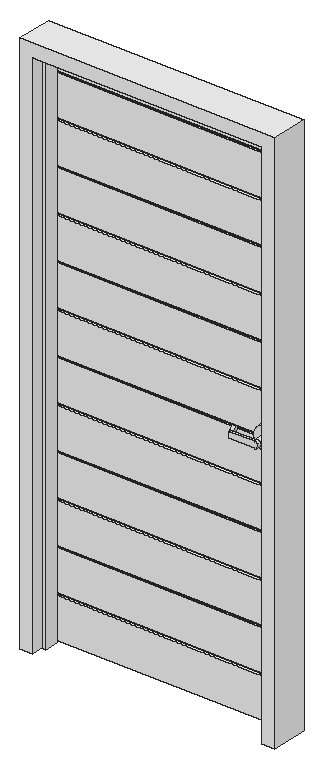
Revit family
Parameters (values of type "3'-0" x 7'-0" Wood_5.75" x 2"")
  Thickness = 0.04445 m
  Rough Width = R.O. Width  # 1.016 m
  Rough Height = R.O. Height  # 2.1844 m
  R.O. Width = Width + 0.1016 m  # 1.016 m
  R.O. Height = Height + Frame Head  # 2.1844 m
  Model = ""
  Height = 2.1336 m
  Wall Closure = (empty or 0)
  Width = 0.9144 m
  Function = (empty or 0)
  Frame Offset [instance] = if(Centered in Wall, (Frame Depth / 2), Center Offset)  # 0.073025 m
  Frame Head = 0.0508 m
  Frame Depth = 0.14605 m
  Door Panel = Door - Wood Panel
  Door Frame = Door - H.M. Frame
  Description = ""
  Centered in Wall [instance] = yes
  Center Offset [instance] = 0.00 m
  Assembly Code = ""
Types (11, lengths in m): name | Rough Width | Rough Height | R.O. Width | R.O. Height | Model | Height | Width | Frame Offset | Frame Head | Frame Depth | Door Panel | Door Frame | Description
  3'-0" x 7'-0" Wood_5.75" x 4" | 1.016 | 2.2352 | 1.016 | 2.2352 | "" | 2.1336 | 0.9144 | 0.073025 | 0.1016 | 0.14605 | Door - Wood Panel | Door - H.M. Frame | ""
  3'-0" x 7'-0" Wood_5.75" x 2" | 1.016 | 2.1844 | 1.016 | 2.1844 | "" | 2.1336 | 0.9144 | 0.073025 | 0.0508 | 0.14605 | Door - Wood Panel | Door - H.M. Frame | ""
  3'-0" x 7'-0" Metal_5.75" x 2" | 1.016 | 2.1844 | 1.016 | 2.1844 | "" | 2.1336 | 0.9144 | 0.073025 | 0.0508 | 0.14605 | Door - H.M. Panel | Door - H.M. Frame | ""
  3'-0" x 7'-0" Metal_8.25" x 2" | 1.016 | 2.1844 | 1.016 | 2.1844 | "" | 2.1336 | 0.9144 | 0.104775 | 0.0508 | 0.20955 | Door - H.M. Panel | Door - H.M. Frame | ""
  3'-0" x 7'-0" Wood_8.25" x 2" | 1.016 | 2.1844 | 1.016 | 2.1844 | "" | 2.1336 | 0.9144 | 0.104775 | 0.0508 | 0.20955 | Door - Wood Panel | Door - H.M. Frame | ""
  PUERTA 80 | 0.80 | 2.1836 | 0.80 | 2.1836 | "" | 2.1336 | 0.6984 | 0.05 | 0.05 | 0.10 | Door - H.M. Panel | Door - H.M. Frame | ""
  PUERTA 90 | 0.90 | 2.18 | 0.90 | 2.18 | "" | 2.13 | 0.7984 | 0.065 | 0.05 | 0.13 | - DOOR WINDOW | - DOOR WINDOW | ""
  .8 x 2.2 m | 0.80 | 2.3016 | 0.80 | 2.3016 | "" | 2.20 | 0.6984 | 0.073025 | 0.1016 | 0.14605 | Door - Wood Panel | Door - H.M. Frame | ""
  P3 - 1 x 2.2 m | 1.1016 | 2.3016 | 1.1016 | 2.3016 | "P3" | 2.20 | 1.00 | 0.073025 | 0.1016 | 0.14605 | Madera de pino | Madera de pino | "Puerta Principal"
  P1 - 0.65 x 2.2 m | 0.7516 | 2.3016 | 0.7516 | 2.3016 | "P1" | 2.20 | 0.65 | 0.073025 | 0.1016 | 0.14605 | Madera de pino | Madera de pino | "clóset sótano"
  P2 - 0.8 x 2.2 m | 0.9016 | 2.3016 | 0.9016 | 2.3016 | "P2" | 2.20 | 0.80 | 0.073025 | 0.1016 | 0.14605 | Madera de pino | Madera de pino | "Puerta Secundaria"
Reference planes (m)
  plane 1 "Center (Front/Back)": y = 0
  plane 2 "Center (Left/Right)": x = 0
  plane 3 "Left": x = -0.508
  plane 4 "Right": x = 0.508
  plane 5 "Top": z = 2.1844
  plane 6 "Backset": x = 0.38735
  plane 7 "Lockset": z = 1.016
  plane 8: z = 2.1336
  plane 9: x = -0.4572
  plane 10: x = 0.4572
Forms (m)
  Extrusion 1, solid, material "Door - H.M. Frame", not visible
    sketch origin (1.8288, 0, 0.469734) x (1, 0, 0) y (0, 0, 1)
      loop
        circle (0.4572, -0.4572) r 0.04445
    from -0.0254 to 0
  Extrusion 2, solid, material "Door - H.M. Frame", not visible
    sketch origin (1.8288, 0, 0.469734) x (1, 0, 0) y (0, 0, 1)
      loop
        circle (0.4572, -0.4572) r 0.0127
    from -0.0762 to -0.0254
  Extrusion 3, solid, material "Door - H.M. Frame", not visible
    sketch origin (1.447038, -0.49726, 0) x (1, 0, 0) y (0, 1, 0)
      loop
        line (0.851662, 0.58616) -> (0.743732, 0.58616) -> (0.718297, 0.542105) -> (0.729301, 0.535752) -> (0.751072, 0.57346) -> (0.851662, 0.57346) -> (0.851662, 0.58616)
    from 0 to 0.0254
  Extrusion 4, solid, material "Door - H.M. Frame", not visible
    sketch origin (1.8288, 0, 0.469734) x (1, 0, 0) y (0, 0, 1)
      loop
        circle (0.4572, -0.4572) r 0.04445
    from -0.0254 to 0
  Extrusion 5, solid, material "Door - H.M. Frame", not visible
    sketch origin (1.8288, 0, 0.469734) x (1, 0, 0) y (0, 0, 1)
      loop
        circle (0.4572, -0.4572) r 0.0127
    from -0.0762 to -0.0254
  Extrusion 6, solid, material "Door - H.M. Frame", not visible
    sketch origin (1.447038, -0.49726, 0) x (1, 0, 0) y (0, 1, 0)
      loop
        line (0.851662, 0.58616) -> (0.743732, 0.58616) -> (0.718297, 0.542105) -> (0.729301, 0.535752) -> (0.751072, 0.57346) -> (0.851662, 0.57346) -> (0.851662, 0.58616)
    from 0 to 0.0254
  Extrusion 7, solid, material "Door - H.M. Frame", not visible
    sketch origin (1.8288, 0, 0.469734) x (1, 0, 0) y (0, 0, 1)
      loop
        circle (0.4572, -0.4572) r 0.04445
    from -0.0254 to 0
  Extrusion 8, solid, material "Door - H.M. Frame", not visible
    sketch origin (1.8288, 0, 0.469734) x (1, 0, 0) y (0, 0, 1)
      loop
        circle (0.4572, -0.4572) r 0.0127
    from -0.0762 to -0.0254
  Extrusion 9, solid, material "Door - H.M. Frame", not visible
    sketch origin (1.447038, -0.49726, 0) x (1, 0, 0) y (0, 1, 0)
      loop
        line (0.851662, 0.58616) -> (0.743732, 0.58616) -> (0.718297, 0.542105) -> (0.729301, 0.535752) -> (0.751072, 0.57346) -> (0.851662, 0.57346) -> (0.851662, 0.58616)
    from 0 to 0.0254
  Extrusion 10, solid, material "Door - H.M. Frame", not visible
    sketch origin (1.8288, 0, 0.469734) x (1, 0, 0) y (0, 0, 1)
      loop
        circle (0.4572, -0.4572) r 0.04445
    from -0.0254 to 0
  Extrusion 11, solid, material "Door - H.M. Frame", not visible
    sketch origin (1.8288, 0, 0.469734) x (1, 0, 0) y (0, 0, 1)
      loop
        circle (0.4572, -0.4572) r 0.0127
    from -0.0762 to -0.0254
  Extrusion 12, solid, material "Door - H.M. Frame", not visible
    sketch origin (1.447038, -0.49726, 0) x (1, 0, 0) y (0, 1, 0)
      loop
        line (0.851662, 0.58616) -> (0.743732, 0.58616) -> (0.718297, 0.542105) -> (0.729301, 0.535752) -> (0.751072, 0.57346) -> (0.851662, 0.57346) -> (0.851662, 0.58616)
    from 0 to 0.0254
  Extrusion 13, solid, not visible
    sketch origin (0, 0.073025, 0) x (-1, 0, 0) y (0, 0, 1)
      loop
        circle (-0.38735, 1.016) r 0.044138
    from 0 to 0.0127
  Extrusion 14, solid, not visible
    sketch origin (0, 0.073025, 0) x (-1, 0, 0) y (0, 0, 1)
      loop
        circle (-0.38735, 1.016) r 0.012773
    from 0.0127 to 0.0762
  Extrusion 15, solid, not visible
    sketch origin (0, 0.073025, 0) x (-1, 0, 0) y (0, 0, 1)
      loop
        line (-0.38735, 1.003227) -> (-0.285376, 1.003227) -> (-0.285376, 1.028582) -> (-0.38735, 1.028582) -> (-0.38735, 1.003227)
    from 0.0635 to 0.0762
  Extrusion 16, solid, not visible
    sketch origin (0.208679, -0.136018, 0) x (-0.5, -0.866025, 0) y (0, 0, 1)
      loop
        line (-0.285376, 1.003227) -> (-0.234576, 1.003227) -> (-0.234576, 1.028627) -> (-0.285376, 1.028627) -> (-0.285376, 1.003227)
    from 0.0635 to 0.0762
  Extrusion 17, solid, not visible
    sketch origin (0, 0.073025, 0) x (-1, 0, 0) y (0, 0, 1)
      loop
        circle (-0.38735, 1.016) r 0.044138
    from 0 to 0.0127
  Extrusion 18, solid, not visible
    sketch origin (0, 0.073025, 0) x (-1, 0, 0) y (0, 0, 1)
      loop
        circle (-0.38735, 1.016) r 0.012773
    from 0.0127 to 0.0762
  Extrusion 19, solid, not visible
    sketch origin (0, 0.073025, 0) x (-1, 0, 0) y (0, 0, 1)
      loop
        line (-0.38735, 1.003227) -> (-0.285376, 1.003227) -> (-0.285376, 1.028582) -> (-0.38735, 1.028582) -> (-0.38735, 1.003227)
    from 0.0635 to 0.0762
  Extrusion 20, solid, not visible
    sketch origin (0.208679, -0.136018, 0) x (-0.5, -0.866025, 0) y (0, 0, 1)
      loop
        line (-0.285376, 1.003227) -> (-0.234576, 1.003227) -> (-0.234576, 1.028627) -> (-0.285376, 1.028627) -> (-0.285376, 1.003227)
    from 0.0635 to 0.0762
  Extrusion 21, solid, not visible
    sketch origin (0, 0.028575, 0) x (-1, 0, 0) y (0, 0, -1)
      loop
        circle (-0.38735, -1.016) r 0.044138
    from 0 to 0.0127
  Extrusion 22, solid, not visible
    sketch origin (0, 0.028575, 0) x (-1, 0, 0) y (0, 0, -1)
      loop
        circle (-0.38735, -1.016) r 0.012773
    from 0.0127 to 0.0762
  Extrusion 23, solid, not visible
    sketch origin (0, 0.028575, 0) x (-1, 0, 0) y (0, 0, -1)
      loop
        line (-0.38735, -1.003227) -> (-0.38735, -1.028582) -> (-0.285376, -1.028582) -> (-0.285376, -1.003227) -> (-0.38735, -1.003227)
    from 0.0635 to 0.0762
  Extrusion 24, solid, not visible
    sketch origin (0.208679, 0.237618, 0) x (-0.5, 0.866025, 0) y (0, 0, -1)
      loop
        line (-0.285376, -1.003227) -> (-0.285376, -1.028627) -> (-0.234576, -1.028627) -> (-0.234576, -1.003227) -> (-0.285376, -1.003227)
    from 0.0635 to 0.0762
  Extrusion 25, solid, not visible
    sketch origin (0.007551, 0.073025, 0.00325) x (-1, 0, 0) y (0, 0, 1)
      loop
        circle (-0.38735, 1.016) r 0.044138
    from 0 to 0.0127
  Extrusion 26, solid, not visible
    sketch origin (0.007551, 0.073025, 0.00325) x (-1, 0, 0) y (0, 0, 1)
      loop
        circle (-0.38735, 1.016) r 0.012773
    from 0.0127 to 0.0762
  Extrusion 27, solid, not visible
    sketch origin (0.007551, 0.073025, 0.00325) x (-1, 0, 0) y (0, 0, 1)
      loop
        line (-0.38735, 1.003227) -> (-0.285376, 1.003227) -> (-0.285376, 1.028582) -> (-0.38735, 1.028582) -> (-0.38735, 1.003227)
    from 0.0635 to 0.0762
  Extrusion 28, solid, not visible
    sketch origin (0.21623, -0.136018, 0.00325) x (-0.5, -0.866025, 0) y (0, 0, 1)
      loop
        line (-0.285376, 1.003227) -> (-0.234576, 1.003227) -> (-0.234576, 1.028627) -> (-0.285376, 1.028627) -> (-0.285376, 1.003227)
    from 0.0635 to 0.0762
  Extrusion 29, solid, not visible
    sketch origin (0.007551, 0.028575, 0.00325) x (-1, 0, 0) y (0, 0, -1)
      loop
        circle (-0.38735, -1.016) r 0.044138
    from 0 to 0.0127
  Extrusion 30, solid, not visible
    sketch origin (0.007551, 0.028575, 0.00325) x (-1, 0, 0) y (0, 0, -1)
      loop
        circle (-0.38735, -1.016) r 0.012773
    from 0.0127 to 0.0762
  Extrusion 31, solid, not visible
    sketch origin (0.007551, 0.028575, 0.00325) x (-1, 0, 0) y (0, 0, -1)
      loop
        line (-0.38735, -1.003227) -> (-0.38735, -1.028582) -> (-0.285376, -1.028582) -> (-0.285376, -1.003227) -> (-0.38735, -1.003227)
    from 0.0635 to 0.0762
  Extrusion 32, solid, not visible
    sketch origin (0.21623, 0.237618, 0.00325) x (-0.5, 0.866025, 0) y (0, 0, -1)
      loop
        line (-0.285376, -1.003227) -> (-0.285376, -1.028627) -> (-0.234576, -1.028627) -> (-0.234576, -1.003227) -> (-0.285376, -1.003227)
    from 0.0635 to 0.0762
  Sweep 33, solid, material "- DOOR WINDOW"
    path origin (0.4572, 0.073025, 0) x (0, 0, 1) y (1, 0, 0)
      loop
        line (0, 0.0508) -> (2.1336, 0.0508)
    profile origin (0.508, 0.073025, 1.0668) x (1, 0, 0) y (0, 1, 0)
      loop
        line (0, 0) -> (-0.0508, 0) -> (-0.0508, -0.04445) -> (-0.066675, -0.04445) -> (-0.066675, -0.1016) -> (-0.0508, -0.1016) -> (-0.0508, -0.14605) -> (0, -0.14605) -> (0, 0)
  Sweep 34, solid, material "- DOOR WINDOW"
    path origin (-0.4572, 0.073025, 0) x (0, 0, 1) y (1, 0, 0)
      loop
        line (0, -0.0508) -> (2.1336, -0.0508)
    profile origin (-0.508, 0.073025, 1.0668) x (1, 0, 0) y (0, 1, 0)
      loop
        line (0, 0) -> (0, -0.14605) -> (0.0508, -0.14605) -> (0.0508, -0.1016) -> (0.066675, -0.1016) -> (0.066675, -0.04445) -> (0.0508, -0.04445) -> (0.0508, 0) -> (0, 0)
  Sweep 35, solid, material "- DOOR WINDOW"
    path origin (0.4572, 0.073025, 0) x (0, 0, 1) y (1, 0, 0)
      loop
        line (2.1844, 0.0508) -> (2.1844, -0.9652)
    profile origin (0, 0.073025, 2.1844) x (0, 0, 1) y (0, 1, 0)
      loop
        line (0, 0) -> (-0.0508, 0) -> (-0.0508, -0.04445) -> (-0.066675, -0.04445) -> (-0.066675, -0.1016) -> (-0.0508, -0.1016) -> (-0.0508, -0.14605) -> (0, -0.14605) -> (0, 0)
  Extrusion 36, solid, material "- DOOR WINDOW"
    sketch origin (0.4572, 0.063025, 0) x (0, 0, 1) y (1, 0, 0)
      loop
        line (2.1336, 0) -> (0, 0) -> (0, -0.9144) -> (2.1336, -0.9144) -> (2.1336, 0)
    from 0 to -0.01
  Extrusion 37, solid, material "- DOOR WINDOW"
    sketch origin (0.4572, 0.053025, 0.005) x (0, 0, 1) y (1, 0, 0)
      loop
        line (0.155, 0) -> (-0.005, 0) -> (-0.005, -0.9144) -> (0.155, -0.9144) -> (0.155, 0)
      loop
        line (0.325, 0) -> (0.165, 0) -> (0.165, -0.9144) -> (0.325, -0.9144) -> (0.325, 0)
      loop
        line (0.495, 0) -> (0.335, 0) -> (0.335, -0.9144) -> (0.495, -0.9144) -> (0.495, 0)
      loop
        line (0.665, 0) -> (0.505, 0) -> (0.505, -0.9144) -> (0.665, -0.9144) -> (0.665, 0)
      loop
        line (0.835, 0) -> (0.675, 0) -> (0.675, -0.9144) -> (0.835, -0.9144) -> (0.835, 0)
      loop
        line (1.005, 0) -> (0.845, 0) -> (0.845, -0.9144) -> (1.005, -0.9144) -> (1.005, 0)
      loop
        line (1.175, 0) -> (1.015, 0) -> (1.015, -0.9144) -> (1.175, -0.9144) -> (1.175, 0)
      loop
        line (1.345, 0) -> (1.185, 0) -> (1.185, -0.9144) -> (1.345, -0.9144) -> (1.345, 0)
      loop
        line (1.515, 0) -> (1.355, 0) -> (1.355, -0.9144) -> (1.515, -0.9144) -> (1.515, 0)
      loop
        line (1.685, 0) -> (1.525, 0) -> (1.525, -0.9144) -> (1.685, -0.9144) -> (1.685, 0)
      loop
        line (1.855, 0) -> (1.695, 0) -> (1.695, -0.9144) -> (1.855, -0.9144) -> (1.855, 0)
      loop
        line (2.025, 0) -> (1.865, 0) -> (1.865, -0.9144) -> (2.025, -0.9144) -> (2.025, 0)
      loop
        line (2.1286, 0) -> (2.035, 0) -> (2.035, -0.9144) -> (2.1286, -0.9144) -> (2.1286, 0)
    from 0 to -0.01
  Extrusion 38, solid, material "- DOOR WINDOW"
    sketch origin (0.4572, 0.073025, 0.005) x (0, 0, 1) y (1, 0, 0)
      loop
        line (0.155, 0) -> (-0.005, 0) -> (-0.005, -0.9144) -> (0.155, -0.9144) -> (0.155, 0)
      loop
        line (0.325, 0) -> (0.165, 0) -> (0.165, -0.9144) -> (0.325, -0.9144) -> (0.325, 0)
      loop
        line (0.495, 0) -> (0.335, 0) -> (0.335, -0.9144) -> (0.495, -0.9144) -> (0.495, 0)
      loop
        line (0.665, 0) -> (0.505, 0) -> (0.505, -0.9144) -> (0.665, -0.9144) -> (0.665, 0)
      loop
        line (0.835, 0) -> (0.675, 0) -> (0.675, -0.9144) -> (0.835, -0.9144) -> (0.835, 0)
      loop
        line (1.005, 0) -> (0.845, 0) -> (0.845, -0.9144) -> (1.005, -0.9144) -> (1.005, 0)
      loop
        line (1.175, 0) -> (1.015, 0) -> (1.015, -0.9144) -> (1.175, -0.9144) -> (1.175, 0)
      loop
        line (1.345, 0) -> (1.185, 0) -> (1.185, -0.9144) -> (1.345, -0.9144) -> (1.345, 0)
      loop
        line (1.515, 0) -> (1.355, 0) -> (1.355, -0.9144) -> (1.515, -0.9144) -> (1.515, 0)
      loop
        line (1.685, 0) -> (1.525, 0) -> (1.525, -0.9144) -> (1.685, -0.9144) -> (1.685, 0)
      loop
        line (1.855, 0) -> (1.695, 0) -> (1.695, -0.9144) -> (1.855, -0.9144) -> (1.855, 0)
      loop
        line (2.025, 0) -> (1.865, 0) -> (1.865, -0.9144) -> (2.025, -0.9144) -> (2.025, 0)
      loop
        line (2.1286, 0) -> (2.035, 0) -> (2.035, -0.9144) -> (2.1286, -0.9144) -> (2.1286, 0)
    from 0 to -0.01
Cuts and joins
  joined: Sweep 33, Sweep 34, Sweep 35
Lines and regions (m)
  Opening 1
    outline origin (-1.524, -0.0762, 0) x (1, 0, 0) y (0, 0, 1)
      loop
        line (2.032, 0) -> (2.032, 2.1844) -> (1.016, 2.1844) -> (1.016, 0) -> (2.032, 0)
  symbolic lines, style "DoorsOpeningProjection"
    curve 1: line (0.508, 0, 0) -> (0.508, 0, 2.1844)
    curve 2: line (0.508, 0, 2.1844) -> (-0.508, 0, 2.1844)
    curve 3: line (-0.508, 0, 2.1844) -> (-0.508, 0, 0)
    curve 4: line (-0.508, 0, 0) -> (0.508, 0, 0)
  symbolic lines, style "Elevation Swing"
    curve 5: line (0.4572, 0, 2.1336) -> (-0.4572, 0, 1.02)
    curve 6: line (0.4572, 0, 0) -> (-0.4572, 0, 1.02)
  symbolic lines, style "DoorsPanelProjection"
    curve 7: line (-0.4572, 0.073025, 0) -> (-0.4572, 0.987425, 0)
    curve 8: line (-0.4572, 0.987425, 0) -> (-0.41275, 0.987425, 0)
    curve 9: line (-0.41275, 0.987425, 0) -> (-0.41275, 0.073025, 0)
    curve 10: line (-0.41275, 0.073025, 0) -> (-0.4572, 0.073025, 0)
  symbolic lines, style "Plan Swing"
    curve 11: arc (0.4572, 0.073025, 0) -> (0.189378, 0.719603, 0) -> (-0.4572, 0.987425, 0) r 0.9144
Text (m)
  text "Exterior" at (-1.49041, 0.693701, 0), in view "Floor Line"
  text "Interior" at (-1.48203, -0.638649, 0), in view "Floor Line"
  text "Exterior" at (0, 1.019848, 3.124603), in view "Right"
  text "Interior" at (0, -1.635541, 3.124603), in view "Right"
  text "Interior" at (0, -0.787806, 3.124376), in view "Left"
  text "Exterior" at (0, 1.386095, 3.124376), in view "Left"
Dimensions and locks (m)
  equal spacing: plane 3 "Left", plane 2 "Center (Left/Right)", plane 4 "Right"  (x2)
  plane 3 "Left" to plane 4 "Right" = 1.016 m
  "R.O. Height": level to plane 5 "Top"
  "R.O. Width": plane 3 "Left" to plane 4 "Right"
  locked: level to plane 7 "Lockset" at 1.016
  locked: plane 6 "Backset" to plane 4 "Right" at 0.12065
  "Width": curve 8 to curve 10
  "Thickness": curve 9 to curve 7
  level to curve 6 = 1.02 m
  locked: plane 10 to plane 4 "Right" at 0.0508
  locked: plane 3 "Left" to plane 9 at 0.0508
  locked: Sweep 33 sketch curve to plane 10 at 0.015875
  "Frame Depth": Sweep 33 sketch curve to Sweep 33 sketch curve
  "Frame Offset": host wall to Sweep 33 sketch curve
  "Thickness": Sweep 33 sketch curve to Sweep 33 sketch curve  (x2)
  "Frame Depth": Sweep 34 sketch curve to Sweep 34 sketch curve
  "Thickness": Sweep 34 sketch curve to Sweep 34 sketch curve  (x2)
  "Height": level to plane 8
  "Frame Offset": host wall to Sweep 34 sketch curve
  locked: plane 9 to Sweep 34 sketch curve at 0.015875
  "Frame Depth": Sweep 35 sketch curve to Sweep 35 sketch curve
  "Frame Offset": Sweep 35 sketch curve to host wall
  "Thickness": Sweep 35 sketch curve to Sweep 35 sketch curve  (x2)
  locked: plane 8 to Sweep 35 sketch curve at 0.015875
  aligned and locked: level to Opening 1 sketch curve
  aligned and locked: plane 7 "Lockset" to nested 1
  aligned and locked: plane 6 "Backset" to nested 1
  aligned: nested 2 to plane 7 "Lockset"
  aligned: plane 6 "Backset" to nested 2
  aligned and locked: plane 4 "Right" to Sweep 33 sketch curve
  aligned and locked: plane 8 to Sweep 33 sketch curve
  aligned and locked: level to Sweep 33 sketch curve
  aligned and locked: Sweep 33 sketch curve to plane 4 "Right"
  aligned and locked: Sweep 33 sketch curve to plane 10  (x2)
  aligned and locked: plane 3 "Left" to Sweep 34 sketch curve
  aligned and locked: plane 8 to Sweep 34 sketch curve
  aligned and locked: level to Sweep 34 sketch curve
  aligned and locked: Sweep 34 sketch curve to plane 3 "Left"
  aligned and locked: Sweep 34 sketch curve to plane 9  (x2)
  aligned and locked: plane 5 "Top" to Sweep 35 sketch curve
  aligned and locked: plane 3 "Left" to Sweep 35 sketch curve
  aligned and locked: plane 4 "Right" to Sweep 35 sketch curve
  aligned and locked: Sweep 35 sketch curve to plane 5 "Top"
  aligned and locked: Sweep 35 sketch curve to plane 8  (x2)
  aligned and locked: plane 9 to curve 7
Automatic sketch dimensions
  Extrusion 3 sketch curve to Extrusion 3 sketch curve = 0.011005 m
  Extrusion 3 sketch curve to Extrusion 3 sketch curve = 0.025435 m
  Extrusion 3 sketch curve to Extrusion 3 sketch curve = 0.00734 m
  Extrusion 3 sketch curve to Extrusion 3 sketch curve = 0.10059 m
  Extrusion 3 sketch curve to Extrusion 3 sketch curve = 0.006354 m
  Extrusion 6 sketch curve to Extrusion 6 sketch curve = 0.011005 m
  Extrusion 6 sketch curve to Extrusion 6 sketch curve = 0.025435 m
  Extrusion 6 sketch curve to Extrusion 6 sketch curve = 0.00734 m
  Extrusion 6 sketch curve to Extrusion 6 sketch curve = 0.10059 m
  Extrusion 6 sketch curve to Extrusion 6 sketch curve = 0.006354 m
  Extrusion 9 sketch curve to Extrusion 9 sketch curve = 0.011005 m
  Extrusion 9 sketch curve to Extrusion 9 sketch curve = 0.025435 m
  Extrusion 9 sketch curve to Extrusion 9 sketch curve = 0.00734 m
  Extrusion 9 sketch curve to Extrusion 9 sketch curve = 0.10059 m
  Extrusion 9 sketch curve to Extrusion 9 sketch curve = 0.006354 m
  Extrusion 12 sketch curve to Extrusion 12 sketch curve = 0.011005 m
  Extrusion 12 sketch curve to Extrusion 12 sketch curve = 0.025435 m
  Extrusion 12 sketch curve to Extrusion 12 sketch curve = 0.00734 m
  Extrusion 12 sketch curve to Extrusion 12 sketch curve = 0.10059 m
  Extrusion 12 sketch curve to Extrusion 12 sketch curve = 0.006354 m
  Extrusion 16 sketch curve to Extrusion 16 sketch curve = 0.0508 m
  Extrusion 20 sketch curve to Extrusion 20 sketch curve = 0.0508 m
  Extrusion 24 sketch curve to Extrusion 24 sketch curve = 0.0508 m
  Extrusion 28 sketch curve to Extrusion 28 sketch curve = 0.0508 m
  Extrusion 32 sketch curve to Extrusion 32 sketch curve = 0.0508 m
  plane 3 "Left" to Opening 1 sketch curve = 0.00 m
  plane 4 "Right" to Opening 1 sketch curve = 0.00 m
  Opening 1 sketch curve to plane 5 "Top" = 0.00 m
  curve 11 to plane 10 = 0.00 m
  curve 7 to host wall = 0.003175 m
  curve 3 to level = 0.00 m
  plane 3 "Left" to curve 3 = 0.00 m
  plane 4 "Right" to curve 2 = 0.00 m
  curve 3 to plane 5 "Top" = 0.00 m
  Extrusion 36 sketch curve to level = 0.00 m
  Extrusion 36 sketch curve to plane 8 = 0.00 m
  Extrusion 36 sketch curve to plane 9 = 0.00 m
  Extrusion 36 sketch curve to plane 10 = 0.00 m
  Extrusion 37 sketch curve to level = 0.00 m
  Extrusion 37 sketch curve to plane 9 = 0.00 m  (x13)
  Extrusion 37 sketch curve to plane 10 = 0.00 m  (x13)
  Extrusion 37 sketch curve to plane 8 = 0.00 m
  Extrusion 37 sketch curve to Extrusion 37 sketch curve = 0.16 m  (x11)
  Extrusion 37 sketch curve to Extrusion 37 sketch curve = 0.01 m  (x11)
  plane 7 "Lockset" to Extrusion 37 sketch curve = 0.006 m
  Extrusion 37 sketch curve to plane 7 "Lockset" = 0.004 m
  Extrusion 38 sketch curve to level = 0.00 m
  Extrusion 38 sketch curve to plane 9 = 0.00 m  (x13)
  Extrusion 38 sketch curve to plane 10 = 0.00 m  (x13)
  Extrusion 38 sketch curve to plane 8 = 0.00 m
  Extrusion 38 sketch curve to Extrusion 38 sketch curve = 0.16 m  (x11)
  Extrusion 38 sketch curve to Extrusion 38 sketch curve = 0.01 m  (x11)
  plane 7 "Lockset" to Extrusion 38 sketch curve = 0.006 m
  Extrusion 38 sketch curve to plane 7 "Lockset" = 0.004 m
  curve 5 to plane 8 = 0.00 m
  curve 6 to plane 9 = 0.00 m
  curve 6 to level = 0.00 m
  curve 6 to plane 10 = 0.00 m
  curve 5 to plane 10 = 0.00 m
  curve 6 to plane 7 "Lockset" = 0.004 m
  radius of Extrusion 1 sketch curve = 0.04445 m
  radius of Extrusion 2 sketch curve = 0.0127 m
  radius of Extrusion 4 sketch curve = 0.04445 m
  radius of Extrusion 5 sketch curve = 0.0127 m
  radius of Extrusion 7 sketch curve = 0.04445 m
  radius of Extrusion 8 sketch curve = 0.0127 m
  radius of Extrusion 10 sketch curve = 0.04445 m
  radius of Extrusion 11 sketch curve = 0.0127 m
  radius of Extrusion 13 sketch curve = 0.044138 m
  radius of Extrusion 14 sketch curve = 0.012773 m
  radius of Extrusion 17 sketch curve = 0.044138 m
  radius of Extrusion 18 sketch curve = 0.012773 m
  radius of Extrusion 21 sketch curve = 0.044138 m
  radius of Extrusion 22 sketch curve = 0.012773 m
  radius of Extrusion 25 sketch curve = 0.044138 m
  radius of Extrusion 26 sketch curve = 0.012773 m
  radius of Extrusion 29 sketch curve = 0.044138 m
  radius of Extrusion 30 sketch curve = 0.012773 m
Nested families (m)
  nested 1: "Hardware_Lever Latchset" at (0.38735, 0.073025, 1.016) x (-1, 0, 0) z (0, 1, 0), type "Lever Latchset"
  nested 2: "Hardware_Lever Latchset" at (0.387425, 0.043025, 1.020938) x (-1, 0, 0) z (0, -1, 0), type "Lever Latchset"
Definition of nested family "Hardware_Lever Latchset"
  Parameters (values of type "Lever Latchset")
    Latchset Material = Door - Hardware
    Default Elevation = 1.0668 m
  Reference planes (m)
    plane 1 "Center (Front/Back)": y = 0
    plane 2: z = 0
    plane 3 "Center (Left/Right)": x = 0
  Forms (m)
    Extrusion 1, solid
      sketch origin (0, 0, 0) x (1, 0, 0) y (0, 1, 0)
        loop
          line (-1.2192, 1.2192) -> (-1.2192, -1.2192) -> (1.2192, -1.2192) -> (1.2192, 1.2192) -> (-1.2192, 1.2192)
      from 0 to -0.3048
    Extrusion 2, solid, material "Door - Hardware" <- "Latchset Material"
      sketch origin (0, 0, 0) x (1, 0, 0) y (0, 1, 0)
        loop
          circle (0, 0) r 0.04445
      from 0 to 0.0127
    Extrusion 3, solid, material "Door - Hardware" <- "Latchset Material"
      sketch origin (0, 0, 0) x (1, 0, 0) y (0, 1, 0)
        loop
          circle (0, 0) r 0.0127
      from 0.0127 to 0.0508
    Extrusion 4, solid, material "Door - Hardware" <- "Latchset Material"
      sketch origin (0, 0, 0) x (1, 0, 0) y (0, 1, 0)
        loop
          line (0.1016, -0.009525) -> (0.1016, 0.009525) -> (0.000397, 0.012694)
          arc (0.000397, 0.012694) -> (-0.0127, 0) -> (0.000397, -0.012694) r 0.0127
          line (0.000397, -0.012694) -> (0.1016, -0.009525)
      from 0.0508 to 0.0635
    Extrusion 5, solid, material "Door - Hardware" <- "Latchset Material"
      sketch origin (0.047152, 0, 0.150214) x (-0.422618, 0, 0.906308) y (0, 1, 0)
        loop
          line (-0.1016, 0.009525) -> (-0.1143, 0.009525) -> (-0.1524, 0.00635) -> (-0.1524, -0.00635) -> (-0.1143, -0.009525) -> (-0.1016, -0.009525) -> (-0.1016, 0.009525)
      from -0.0127 to 0
  Cuts and joins
    joined: Extrusion 2, Extrusion 3, Extrusion 4, Extrusion 5
  Dimensions and locks (m)
    aligned and locked: plane 2 to Extrusion 1
    aligned and locked: level to Extrusion 1
    aligned and locked: Extrusion 3 to Extrusion 2
    aligned and locked: Extrusion 2 to level
